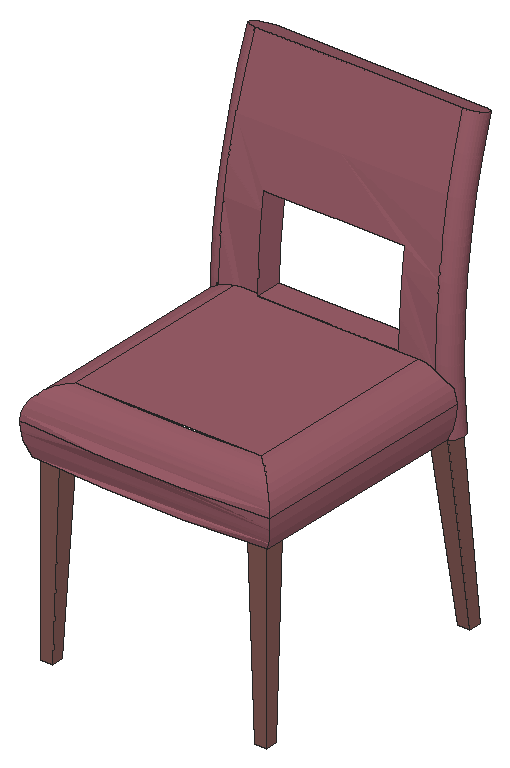
Revit family "Furniture_Chair_PALM BEACH 1.0 WCO", category Furniture, Revit 2020
Family settings
  OmniClass Number = 23.21.23.15.17
  Work Plane-Based = Yes
  Always vertical = No
  Cut with Voids When Loaded = No
  Shared = No
  Room Calculation Point = No
Parameters (values of type "PALM BEACH 1.0 WCO")
  Youtube clip = ""
  Uniformat II Description = "Movable Furnishings"
  Uniformat II Code = ""
  Uniclass 2015 Name = ""
  Uniclass 2015 Code = ""
  Uniclass 2.0 Description = ""
  Uniclass 2.0 Code = ""
  Uniclass 1.4 Description = ""
  Uniclass 1.4 Code = ""
  UNSPSC Code = ""
  Technical description = ""
  Shell Material = Fabric - X2 - Subtract AK013
  Frame Material = Wood - Beech - Mahogany
  Region South America = "All"
  Region Oceania = "All"
  Region North America = "All"
  Region Middle East = "All"
  Region Europe = "All"
  Region Asia = "All"
  Region Antarctica = "All"
  Region Africa = "All"
  QR code = "https://www.sandlerseating.com/product/palm-beach-1-0-wco/"
  Product url = "https://www.sandlerseating.com/product/palm-beach-1-0-wco/"
  Product name = "PALM BEACH 1.0 WCO"
  Product group = "Chair"
  Product family = "Furniture"
  Product data url = "https://www.sandlerseating.com/product/palm-beach-1-0-wco/"
  Product certification = ""
  Product SKU = "??"
  Product Guid = "??"
  OmniClass Description = ""
  OmniClass Code = "23-21 23 15 17"
  NBS Reference Description = ""
  NBS Reference Code = ""
  Model = "PALM BEACH 1.0 WCO"
  Masterformat 2014 Description = "Chair Mats"
  Masterformat 2014 Code = "12 48 43.13"
  Manufacturer name = "Sandler"
  Manufacturer country = "USA"
  Manufacturer = "Sandler"
  Installation instructions = ""
  IFC Classification = "Furnishing Element"
  GTIN code = ""
  Edition number = 1
  Design country = "Brasil"
  Description = "Chair"
  Default Elevation = 0.000 mm
  Date of publishing = ""
  COBIe Type Category = ""
  Brand url = "https://www.sandlerseating.com/"
  BIMobject main category code = "furniture"
  BIMobject main category = "Furniture"
  BIMobject category code = "furniture-chair"
  BIMobject category = "Chair"
Reference planes
  plane 1 "Center Front/Back": y = 0
  plane 2: z = 0
  plane 3 "Center Left/Right": x = 0
Forms (mm)
  SweptBlend 1, solid, material "Fabric - X2 - Subtract AK013" <- "Shell Material"
    path origin (0.021, 12.403, 0) x (0, 1, 0) y (0, 0, 1)
      loop
        arc (318.429, 896.679) -> (247.467, 629.178) -> (238.058, 352.583) r 1230.984
    profile origin (0.021, 330.832, 896.679) x (0, 0.931619, -0.363437) y (1, 0, 0)
      loop
        line (20.402, -204.626) -> (20.402, 207.874)
        arc (20.402, 207.874) -> (-7.098, 235.374) -> (-34.598, 207.874) r 27.5
        line (-34.598, 207.874) -> (-34.598, -204.626)
        arc (-34.598, -204.626) -> (-7.098, -232.126) -> (20.402, -204.626) r 27.5
    end profile origin (0.021, 250.46, 352.583) x (0, 0.996909, 0.078564) y (1, 0, 0)
      loop
        line (25.645, -219.109) -> (25.645, 221.86)
        arc (25.645, 221.86) -> (-0.624, 248.13) -> (-26.894, 221.86) r 26.27
        line (-26.894, 221.86) -> (-26.894, -219.109)
        arc (-26.894, -219.109) -> (-0.624, -245.379) -> (25.645, -219.109) r 26.27
  Extrusion 2, solid, material "Fabric - X2 - Subtract AK013" <- "Shell Material"
    sketch origin (0.021, 12.403, 840) x (-1, 0, 0) y (0, -1, 0)
      loop
        line (248.589, -218.746) -> (248.589, 242.183)
        arc (248.589, 242.183) -> (0.023, 254.709) -> (-248.589, 243.132) r 2569.886
        line (-248.589, 243.132) -> (-248.589, -218.746) -> (248.589, -218.746)
    from -479.2 to -350.103
  Sweep 3, void
    path in 3D
      loop
        line (248.61, 280.219, 489.897) -> (248.61, -230.73, 489.897)
        arc (248.61, -230.73, 489.897) -> (-0.002, -242.307, 489.897) -> (-248.569, -229.781, 489.897) r 2569.886
        line (-248.569, -229.781, 489.897) -> (-248.569, 280.219, 489.897)
    profile origin (-0.002, -242.307, 489.897) x (-0.001909, -0.999998, 0) y (0, 0, 1)
      loop
        arc (-64.548, 0) -> (-18.906, -18.906) -> (0, -64.548) r 64.548
        arc (0, -64.548) -> (-3.774, -97.671) -> (-14.902, -129.096) r 147.246
        line (-14.902, -129.096) -> (25.452, -129.096) -> (25.452, 0) -> (-64.548, 0)
  Blend 4, solid, material "Wood - Beech - Mahogany" <- "Frame Material"
    base sketch origin (11.479, 25.171, 840) x (-1, 0, 0) y (0, -1, 0)
      loop
        line (235.546, 195.254) -> (235.546, 234.079) -> (197.379, 234.079) -> (197.379, 195.254) -> (235.546, 195.254)
    top sketch origin (11.479, 25.171, 840) x (-1, 0, 0) y (0, -1, 0)
      loop
        line (212.008, 210.203) -> (235.546, 210.203) -> (235.546, 234.079) -> (212.008, 234.079) -> (212.008, 210.203)
    from -479.2 to -840
  Blend 5, solid, material "Wood - Beech - Mahogany" <- "Frame Material"
    base sketch origin (-11.438, 25.171, 840) x (1, 0, 0) y (0, 1, 0)
      loop
        line (235.546, -195.254) -> (197.379, -195.254) -> (197.379, -234.079) -> (235.546, -234.079) -> (235.546, -195.254)
    top sketch origin (-11.438, 25.171, 840) x (1, 0, 0) y (0, 1, 0)
      loop
        line (212.008, -210.203) -> (212.008, -234.079) -> (235.546, -234.079) -> (235.546, -210.203) -> (212.008, -210.203)
    from -479.2 to -840
  Blend 6, solid, material "Wood - Beech - Mahogany" <- "Frame Material"
    base sketch origin (0.021, 12.403, 840) x (-1, 0, 0) y (0, -1, 0)
      loop
        line (197.378, -213.052) -> (197.378, -251.878) -> (235.545, -251.878) -> (235.545, -213.052) -> (197.378, -213.052)
    top sketch origin (0.021, 12.403, 840) x (-1, 0, 0) y (0, -1, 0)
      loop
        line (235.545, -291.791) -> (235.545, -268.262) -> (211.722, -268.262) -> (211.722, -291.791) -> (235.545, -291.791)
    from -478.581 to -840
  Blend 7, solid, material "Wood - Beech - Mahogany" <- "Frame Material"
    base sketch origin (0.021, 12.403, 840) x (1, 0, 0) y (0, 1, 0)
      loop
        line (197.378, 213.052) -> (235.545, 213.052) -> (235.545, 251.878) -> (197.378, 251.878) -> (197.378, 213.052)
    top sketch origin (0.021, 12.403, 840) x (1, 0, 0) y (0, 1, 0)
      loop
        line (235.545, 291.791) -> (211.722, 291.791) -> (211.722, 268.262) -> (235.545, 268.262) -> (235.545, 291.791)
    from -478.581 to -840
  Extrusion 8, void
    sketch origin (0.021, 12.403, 0) x (0, 1, 0) y (0, 0, 1)
      loop
        line (185.776, 360.8) -> (185.776, 345.8) -> (275.776, 345.8) -> (275.776, 360.8) -> (185.776, 360.8)
    from -259.065 to 259.553
  Extrusion 9, void
    sketch origin (0.021, 12.403, 0) x (1, 0, 0) y (0, 0, 1)
      loop
        line (144.041, 489.897) -> (144.041, 669.897) -> (-135.959, 669.897) -> (-135.959, 489.897) -> (144.041, 489.897)
    from -344.885 to -128.056
Cuts and joins
  Sweep 3, Extrusion 9 cuts Extrusion 2
  Extrusion 8, Extrusion 9 cuts SweptBlend 1
Lines and regions (mm)
  sketch lines
    curve 1: arc (248.61, -230.73, 489.897) -> (-0.002, -242.307, 489.897) -> (-248.569, -229.781, 489.897) r 2569.886
    curve 2: line (248.61, -230.73, 489.897) -> (248.61, 280.219, 489.897)
    curve 3: line (-248.569, 280.219, 489.897) -> (-248.569, -229.781, 489.897)
Dimensions and locks
  aligned and locked: level to plane 2
